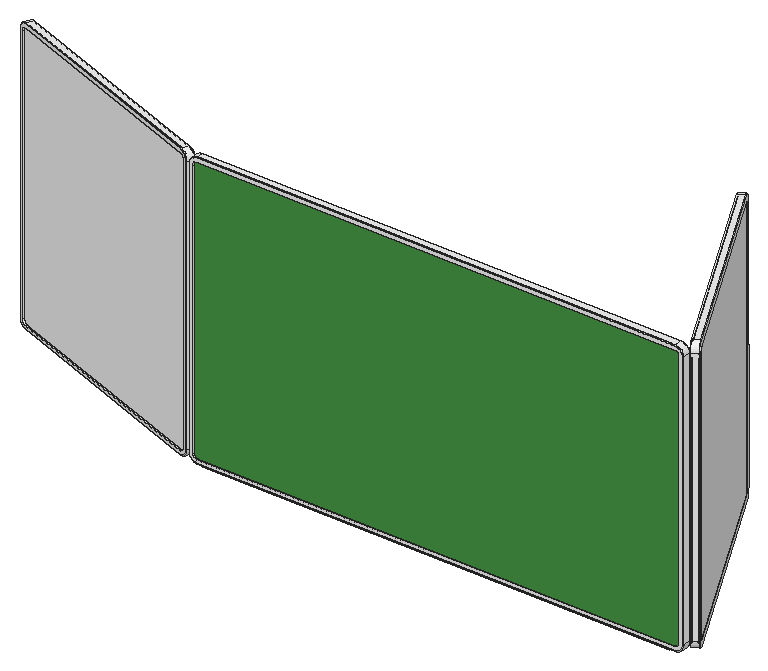
Revit family "73d8a5a8c54c479dadec0e023b104775", category Mobilier, Revit 2021
Family settings
  Hôte = Mur
  Toujours verticalement = Oui
  Couper avec des vides une fois chargée = Non
  Partagée = Non
  Point de calcul de pièce = Non
Parameters (values of type "1800 mm x 1000 mm - Sans luminaire")
  Tableau (Int) = Tableau - Vert
  Tableau (Ext) = Tableau - Blanc
  Sys = 0 mm  # constant formula
  Lumière = Peinture - Ivoire
  Largeur = 1800 mm
  Hauteur = 1000 mm
  Elévation par défaut = 0 mm
  DL = Sys + (Largeur / 2) - 10 mm  # 890 mm
  Image = Métal - Aluminium
  Angle - Panneau gauche [instance] = 60.00°
  Angle - Panneau droit [instance] = 160.00°
  Afficher le luminaire = no
Types (2, lengths in mm): name | Afficher le luminaire
  1800 mm x 1000 mm - Luminaire | yes
  1800 mm x 1000 mm - Sans luminaire | no
Reference planes
  plane 1 "Mur": y = 0
  plane 2 "Centre (gauche/droite)": x = 134.01
  plane 3 "Arrière": y = 75
  plane 4 "Base": z = 900
  plane 5: x = 1034.01
  plane 6: x = -765.99
  plane 7: z = 1900
  plane 8: y = 105
  plane 9: x = 984.01
  plane 10: x = -715.99
Forms (mm)
  Extrusion 1, solid, material "Tableau - Vert" <- "Tableau (Int)"
    sketch origin (0, 75, 0) x (1, 0, 0) y (0, 0, 1)
      loop
        line (1004.01, 1890) -> (-735.99, 1890)
        arc (-735.99, 1890) -> (-750.132, 1884.142) -> (-755.99, 1870) r 20
        line (-755.99, 1870) -> (-755.99, 930)
        arc (-755.99, 930) -> (-750.132, 915.858) -> (-735.99, 910) r 20
        line (-735.99, 910) -> (1004.01, 910)
        arc (1004.01, 910) -> (1018.152, 915.858) -> (1024.01, 930) r 20
        line (1024.01, 930) -> (1024.01, 1870)
        arc (1024.01, 1870) -> (1018.152, 1884.142) -> (1004.01, 1890) r 20
    from -5 to -25
  Extrusion 2, solid, material "Tableau - Vert" <- "Tableau (Int)"
    sketch origin (-765.99, 105, 900) x (-0.939693, 0.34202, 0) y (0, 0, 1)
      loop
        line (30, 10) -> (880, 10)
        arc (880, 10) -> (894.142, 15.858) -> (900, 30) r 20
        line (900, 30) -> (900, 970)
        arc (900, 970) -> (894.142, 984.142) -> (880, 990) r 20
        line (880, 990) -> (30, 990)
        arc (30, 990) -> (15.858, 984.142) -> (10, 970) r 20
        line (10, 970) -> (10, 30)
        arc (10, 30) -> (15.858, 15.858) -> (30, 10) r 20
    from -5 to -25
  Extrusion 3, solid, material "Tableau - Vert" <- "Tableau (Int)"
    sketch origin (1034.01, 105, 900) x (-0.5, 0.866025, 0) y (0, 0, 1)
      loop
        arc (30, 990) -> (15.858, 984.142) -> (10, 970) r 20
        line (10, 970) -> (10, 30)
        arc (10, 30) -> (15.858, 15.858) -> (30, 10) r 20
        line (30, 10) -> (880, 10)
        arc (880, 10) -> (894.142, 15.858) -> (900, 30) r 20
        line (900, 30) -> (900, 970)
        arc (900, 970) -> (894.142, 984.142) -> (880, 990) r 20
        line (880, 990) -> (30, 990)
    from 5 to 25
  Sweep 4, solid, material "Métal - Aluminium" <- "Image"
    path in 3D
      loop
        arc (1004.01, 100, 1890) -> (1018.152, 100, 1884.142) -> (1024.01, 100, 1870) r 20
        line (1024.01, 100, 1870) -> (1024.01, 100, 930)
        arc (1024.01, 100, 930) -> (1018.152, 100, 915.858) -> (1004.01, 100, 910) r 20
        line (1004.01, 100, 910) -> (-735.99, 100, 910)
        arc (-735.99, 100, 910) -> (-750.132, 100, 915.858) -> (-755.99, 100, 930) r 20
        line (-755.99, 100, 930) -> (-755.99, 100, 1870)
        arc (-755.99, 100, 1870) -> (-750.132, 100, 1884.142) -> (-735.99, 100, 1890) r 20
        line (-735.99, 100, 1890) -> (1004.01, 100, 1890)
    profile "Image : Image" origin (134.01, 100, 1890) x (0, 1, 0) y (0, 0, 1)
      loop
        line (-25, -5) -> (-20, -5) -> (-20, 0) -> (0, 0) -> (0, -5) -> (5, -5) -> (5, 7.538) -> (2.538, 10) -> (-22.538, 10) -> (-25, 7.538) -> (-25, -5)
  Sweep 5, solid, material "Métal - Aluminium" <- "Image"
    path in 3D
      loop
        arc (1050.661, 126.16, 930) -> (1047.732, 131.233, 915.858) -> (1040.661, 143.481, 910) r 20
        line (1040.661, 143.481, 910) -> (615.661, 879.602, 910)
        arc (615.661, 879.602, 910) -> (608.589, 891.85, 915.858) -> (605.661, 896.923, 930) r 20
        line (605.661, 896.923, 930) -> (605.661, 896.923, 1870)
        arc (605.661, 896.923, 1870) -> (608.589, 891.85, 1884.142) -> (615.661, 879.602, 1890) r 20
        line (615.661, 879.602, 1890) -> (1040.661, 143.481, 1890)
        arc (1040.661, 143.481, 1890) -> (1047.732, 131.233, 1884.142) -> (1050.661, 126.16, 1870) r 20
        line (1050.661, 126.16, 1870) -> (1050.661, 126.16, 930)
    profile "Image : Image" origin (1050.661, 126.16, 1400) x (-0.5, 0.866025, 0) y (0.866025, 0.5, 0)
      loop
        line (5, -25) -> (5, -20) -> (0, -20) -> (0, 0) -> (5, 0) -> (5, 5) -> (-7.538, 5) -> (-10, 2.538) -> (-10, -22.538) -> (-7.538, -25) -> (5, -25)
  Sweep 6, solid, material "Métal - Aluminium" <- "Image"
    path in 3D
      loop
        arc (-1613.424, 408.12, 1870) -> (-1607.919, 406.116, 1884.142) -> (-1594.63, 401.279, 1890) r 20
        line (-1594.63, 401.279, 1890) -> (-795.891, 110.562, 1890)
        arc (-795.891, 110.562, 1890) -> (-782.602, 105.725, 1884.142) -> (-777.097, 103.722, 1870) r 20
        line (-777.097, 103.722, 1870) -> (-777.097, 103.722, 930)
        arc (-777.097, 103.722, 930) -> (-782.602, 105.725, 915.858) -> (-795.891, 110.562, 910) r 20
        line (-795.891, 110.562, 910) -> (-1594.63, 401.279, 910)
        arc (-1594.63, 401.279, 910) -> (-1607.919, 406.116, 915.858) -> (-1613.424, 408.12, 930) r 20
        line (-1613.424, 408.12, 930) -> (-1613.424, 408.12, 1870)
    profile "Image : Image" origin (-1613.424, 408.12, 1400) x (0.939693, -0.34202, 0) y (0.34202, 0.939693, 0)
      loop
        line (5, -25) -> (5, -20) -> (0, -20) -> (0, 0) -> (5, 0) -> (5, 5) -> (-7.538, 5) -> (-10, 2.538) -> (-10, -22.538) -> (-7.538, -25) -> (5, -25)
  Extrusion 7, solid, material "Métal - Aluminium" <- "Image"
    sketch origin (134.01, 0, 0) x (0, 1, 0) y (0, 0, 1)
      loop
        line (77.462, 900) -> (77.462, 898.5) -> (101.038, 898.5) -> (101.038, 883.5) -> (119.212, 883.5) -> (123.757, 893.246) -> (122.397, 893.88) -> (118.257, 885) -> (102.538, 885) -> (102.538, 900) -> (77.462, 900)
    from -850 to 850
Lines and regions (mm)
  reference lines
    curve 1: line (-765.99, 105, 900) -> (-1461.363, 358.095, 900)
    curve 2: line (1034.01, 105, 900) -> (744.01, 607.295, 900)
  sketch lines
    curve 3: line (-735.99, 100, 1890) -> (1004.01, 100, 1890)
    curve 4: arc (-735.99, 100, 1890) -> (-750.132, 100, 1884.142) -> (-755.99, 100, 1870) r 20
    curve 5: arc (1024.01, 100, 1870) -> (1018.152, 100, 1884.142) -> (1004.01, 100, 1890) r 20
    curve 6: line (1024.01, 100, 1870) -> (1024.01, 100, 930)
    curve 7: arc (1004.01, 100, 910) -> (1018.152, 100, 915.858) -> (1024.01, 100, 930) r 20
    curve 8: line (1004.01, 100, 910) -> (-735.99, 100, 910)
    curve 9: arc (-755.99, 100, 930) -> (-750.132, 100, 915.858) -> (-735.99, 100, 910) r 20
    curve 10: line (-755.99, 100, 930) -> (-755.99, 100, 1870)
    curve 11: line (1050.661, 126.16, 1870) -> (1050.661, 126.16, 930)
    curve 12: arc (1050.661, 126.16, 1870) -> (1047.732, 131.233, 1884.142) -> (1040.661, 143.481, 1890) r 20
    curve 13: line (615.661, 879.602, 1890) -> (1040.661, 143.481, 1890)
    curve 14: arc (615.661, 879.602, 1890) -> (608.589, 891.85, 1884.142) -> (605.661, 896.923, 1870) r 20
    curve 15: line (605.661, 896.923, 930) -> (605.661, 896.923, 1870)
    curve 16: arc (605.661, 896.923, 930) -> (608.589, 891.85, 915.858) -> (615.661, 879.602, 910) r 20
    curve 17: line (1040.661, 143.481, 910) -> (615.661, 879.602, 910)
    curve 18: arc (1040.661, 143.481, 910) -> (1047.732, 131.233, 915.858) -> (1050.661, 126.16, 930) r 20
    curve 19: line (-1613.424, 408.12, 930) -> (-1613.424, 408.12, 1870)
    curve 20: arc (-1594.63, 401.279, 1890) -> (-1607.919, 406.116, 1884.142) -> (-1613.424, 408.12, 1870) r 20
    curve 21: line (-1594.63, 401.279, 1890) -> (-795.891, 110.562, 1890)
    curve 22: arc (-777.097, 103.722, 1870) -> (-782.602, 105.725, 1884.142) -> (-795.891, 110.562, 1890) r 20
    curve 23: line (-777.097, 103.722, 1870) -> (-777.097, 103.722, 930)
    curve 24: arc (-795.891, 110.562, 910) -> (-782.602, 105.725, 915.858) -> (-777.097, 103.722, 930) r 20
    curve 25: line (-795.891, 110.562, 910) -> (-1594.63, 401.279, 910)
    curve 26: arc (-1613.424, 408.12, 930) -> (-1607.919, 406.116, 915.858) -> (-1594.63, 401.279, 910) r 20
Text (mm)
  text "Côté de la mise en place" at (-2152.942, 1944.298, 0), in view "Niveau de réf."
  text "Côté de la mise en place" at (0, 1409.804, 2854.306), in view "Gauche"
  text "Côté de la mise en place" at (0, 499.811, 2980.732), in view "Droite"
Dimensions and locks
  locked: plane 3 "Arrière" to host wall
  locked: level to plane 4 "Base" at 900
  equal spacing: plane 5, plane 2 "Centre (gauche/droite)", plane 6
  "Hauteur": plane 4 "Base" to plane 7
  "Largeur": plane 6 to plane 5
  plane 3 "Arrière" to plane 8 = 30 mm
  locked: Extrusion 1 sketch curve to plane 5 at 10
  locked: plane 6 to Extrusion 1 sketch curve at 10
  locked: Extrusion 1 sketch curve to plane 7 at 10
  locked: plane 4 "Base" to Extrusion 1 sketch curve at 10
  locked: curve 1 to Extrusion 2 sketch curve at 10
  locked: Extrusion 2 sketch curve to curve 1 at 10
  "DL": Extrusion 2 sketch curve to Extrusion 2 sketch curve
  locked: curve 2 to Extrusion 3 sketch curve at 10
  locked: Extrusion 3 sketch curve to curve 2 at 10
  "DL": Extrusion 3 sketch curve to Extrusion 3 sketch curve
  locked: plane 9 to plane 5 at 50
  locked: plane 6 to plane 10 at 50
  locked: plane 7 to nested 1 at 15
  "Angle - Panneau droit": angle plane 8 to curve 1
  "Angle - Panneau gauche": angle curve 2 to plane 8
  aligned and locked: plane 1 "Mur" to host wall
  aligned and locked: Extrusion 2 sketch curve to Extrusion 1
  aligned and locked: Extrusion 3 sketch curve to Extrusion 1
  aligned and locked: plane 9 to Extrusion 7
  aligned and locked: Extrusion 7 to plane 10
  aligned and locked: nested 1 to plane 2 "Centre (gauche/droite)"
Automatic sketch dimensions
  curve 1 to plane 6 = 0 mm
  curve 2 to plane 5 = 0 mm
  curve 2 to plane 8 = 0 mm
  curve 1 to plane 8 = 0 mm
  Extrusion 1 sketch curve to plane 10 = 20 mm  (x2)
  plane 9 to Extrusion 1 sketch curve = 20 mm  (x2)
  Extrusion 2 sketch curve to Extrusion 2 sketch curve = 20 mm  (x4)
  Extrusion 3 sketch curve to Extrusion 3 sketch curve = 20 mm  (x4)
  Extrusion 7 sketch curve to plane 4 "Base" = 0 mm
  host wall to Extrusion 7 sketch curve = 2.462 mm
  Extrusion 7 sketch curve to plane 8 = 3.962 mm
  Extrusion 7 sketch curve to Extrusion 7 sketch curve = 1.5 mm  (x2)
  plane 8 to Extrusion 7 sketch curve = 13.257 mm
  Extrusion 7 sketch curve to Extrusion 7 sketch curve = 0.956 mm
  Extrusion 7 sketch curve to plane 4 "Base" = 6.12 mm
  Extrusion 7 sketch curve to Extrusion 7 sketch curve = 4.141 mm
  Extrusion 7 sketch curve to plane 4 "Base" = 6.754 mm
  Extrusion 7 sketch curve to Extrusion 7 sketch curve = 1.359 mm
Nested families
  nested 1: "Lampe de bureau" at (170.366, 0, -85), Lumière <- "Lumière", visible <- "Afficher le luminaire", type "Néon 1.20 m"
    with Lumière Peinture - Ivoire
Definition of nested family "Lampe de bureau"
  Parameters
    Wattage = 16.1571 W
    built-in parameter 1150110 = 1 (stored number, unit not read)
    built-in parameter 1114217 = 1 (stored number, unit not read)
    built-in parameter 1150109 = 1 (stored number, unit not read)
    Default Elevation = 0 mm
    built-in parameter 1150134 = 3
    built-in parameter 1150113 = 1 (stored number, unit not read)
    built-in parameter 1150115 = 1 (stored number, unit not read)
    built-in parameter 1150105 = 190.99 (stored number, unit not read)
    Light Source Symbol Size = 609.6 mm
    built-in parameter 1150137 = (empty or 0)
    built-in parameter 1150139 = (empty or 0)
    Lumière [instance] = none
    Lumens = 2400 lm
    built-in parameter 1150112 = 1 (stored number, unit not read)
    built-in parameter 1150114 = 1 (stored number, unit not read)
    built-in parameter 1150132 = 2
    built-in parameter 1150102 = (empty or 0)
    built-in parameter 1150107 = 3200 (stored number, unit not read)
    built-in parameter 1150138 = (empty or 0)
    built-in parameter 1150106 = 1.9099 (stored number, unit not read)
    Emit from Line Length = 1200 mm
    built-in parameter 1150104 = 13.8 (stored number, unit not read)
    Dimming Lamp Color Temperature Shift = (empty or 0)
    Color Filter = 16777215
    built-in parameter 1114218 = 1 (stored number, unit not read)
    built-in parameter 1150133 = 10 (stored number, unit not read)
    Assembly Code = ""
  Reference planes
    plane 1: y = 0
    plane 2 "Axe de la source d'éclairage (av./arr.)": y = 203.2
    plane 3 "Axe de la source d'éclairage (G/D)": x = -36.356
    plane 4 "Elévation de la source d'éclairage": z = 2000
    plane 5: y = 75
    plane 6: y = 75
  Forms (mm)
    Extrusion 1, solid, material <- "Lumière"
      sketch origin (-36.356, 0, 0) x (0, -1, 0) y (0, 0, 1)
        loop
          line (-168.2, 2000) -> (-168.2, 2030) -> (-198.2, 2030) -> (-220.858, 2019.435)
          arc (-220.858, 2019.435) -> (-232.964, 2009.053) -> (-237.934, 1993.899) r 29.625
          line (-237.934, 1993.899) -> (-168.2, 2000)
      from -600 to 600
    Extrusion 2, void
      sketch origin (-36.356, 168.2, 2000) x (0, -0.996195, 0.087156) y (1, 0, 0)
        loop
          line (-10, 590) -> (-60.434, 590) -> (-60.434, -590) -> (-10, -590) -> (-10, 590)
      from 0 to 5
    Extrusion 3, solid, material <- "Lumière"
      sketch origin (-1524, 75, 0) x (-1, 0, 0) y (0, 0, 1)
        loop
          line (-1837.644, 2030) -> (-1837.644, 2000) -> (-1137.644, 2000) -> (-1137.644, 2030) -> (-1837.644, 2030)
      from 0 to 10
    Extrusion 4, solid, material <- "Lumière"
      sketch origin (-1524, 85, 0) x (-1, 0, 0) y (0, 0, 1)
        loop
          circle (-1687.644, 2015) r 10
        loop
          circle (-1287.644, 2015) r 10
      from 0 to 83.2
  Cuts and joins
    Extrusion 2 cuts Extrusion 1
  Text (mm)
    text "Côté de la mise en place" at (0, 1019.848, 2973.606), in view "Droite"
    text "Côté de la mise en place" at (-1787.662, 723.012, 0), in view "Niveau de réf."
    text "Côté de la mise en place" at (0, 1206.291, 3020.473), in view "Gauche"
  Dimensions and locks
    locked: Extrusion 1 sketch curve to host wall at 133.338
    locked: imposter light to Extrusion 1 sketch curve at 7.415
    locked: cut or joined group of Extrusion 1, Extrusion 2 to host wall at 93.2
    locked: Extrusion 2 sketch curve to cut or joined group of Extrusion 1, Extrusion 2 at 10
    locked: plane 2 "Axe de la source d'éclairage (av./arr.)" to plane 5 at 128.2
    locked: plane 6 to Extrusion 2 sketch curve at 103.162
    locked: Extrusion 2 sketch curve to Extrusion 2 sketch curve at 50.434
    aligned and locked: plane 3 "Axe de la source d'éclairage (G/D)" to imposter light
    aligned and locked: plane 4 "Elévation de la source d'éclairage" to imposter light
    aligned and locked: plane 5 to host wall
    aligned and locked: plane 6 to host wall
